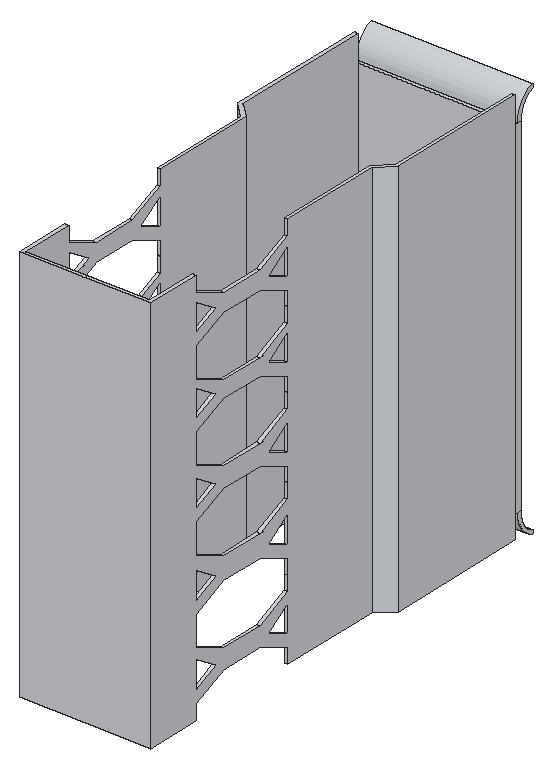
Revit family
Parameters
  Material ID = "760164061"
  Description = "KIT, MINI VCM, 4U"
Reference planes (ft)
  plane 1 "Center (Front/Back)": y = 0
  plane 2: z = 0
  plane 3 "Center (Left/Right)": x = 0
Forms (ft)
  Extrusion 1, solid
    sketch origin (0, 0, 0) x (1, 0, 0) y (0, 0, 1)
      loop
        line (0, 0) -> (1.89, 0) -> (1.89, 9.38) -> (0, 9.38) -> (-1.89, 9.38) -> (-1.89, 0) -> (0, 0)
    from 0 to 10.27
  Extrusion 2, solid
    sketch origin (1.89, 0, 0) x (0, 0, 1) y (0, -1, 0)
      loop
        line (8.760336, 0) -> (0.540336, 0) -> (0.540336, -0.17) -> (8.760336, -0.17) -> (8.760336, 0)
    from 0 to -3.78
  Extrusion 3, solid
    sketch origin (1.89, 0, 0) x (0, 0, 1) y (0, -1, 0)
      loop
        line (8.760336, -0.085) -> (8.760336, -0.165219)
        arc (8.760336, -0.165219) -> (9.095917, -0.248277) -> (9.31458, -0.516045) r 0.546716
        line (9.31458, -0.516045) -> (9.399385, -0.516045)
        arc (9.399385, -0.516045) -> (9.153966, -0.190656) -> (8.760336, -0.085) r 0.626716
    from 0 to -3.78
  Extrusion 4, solid
    sketch origin (1.89, 0, 9.300671) x (0, 0, -1) y (0, 1, 0)
      loop
        arc (8.760336, 0.085) -> (9.153966, 0.190656) -> (9.399385, 0.516045) r 0.626716
        line (9.399385, 0.516045) -> (9.31458, 0.516045)
        arc (9.31458, 0.516045) -> (9.095917, 0.248277) -> (8.760336, 0.165219) r 0.546716
        line (8.760336, 0.165219) -> (8.760336, 0.085)
    from 0 to -3.78
  Extrusion 5, void
    sketch origin (-0.666667, 0, 9.38) x (0, 1, 0) y (1, 0, 0)
      loop
        line (-3.416667, -1.223333) -> (-3.77022, -0.86978) -> (-10.27, -0.86978) -> (-10.27, -1.223333) -> (-3.416667, -1.223333)
    from 0 to 9.772571
  Extrusion 6, void
    sketch origin (0.666667, 0, 9.38) x (0, -1, 0) y (-1, 0, 0)
      loop
        line (3.416667, -1.223333) -> (10.27, -1.223333) -> (10.27, -0.86978) -> (3.77022, -0.86978) -> (3.416667, -1.223333)
    from 0 to 9.772571
  Extrusion 7, void
    sketch origin (-0.666667, 0, 9.38) x (0, 1, 0) y (1, 0, 0)
      loop
        line (0, -1.143333) -> (0, 2.476667) -> (-3.38353, 2.476667) -> (-3.737083, 2.123113) -> (-10.19, 2.123113) -> (-10.19, -0.78978) -> (-3.737083, -0.78978) -> (-3.38353, -1.143333) -> (0, -1.143333)
    from 0 to 13.228045
  Extrusion 8, void
    sketch origin (1.536447, -3.77022, 9.38) x (0, 1, 0) y (0, 0, -1)
      loop
        line (-5.16978, 0) -> (-2.456694, 0) -> (-2.456694, 0.354902) -> (-3.276138, 0.71863) -> (-4.350335, 0.71863) -> (-5.16978, 0.354902) -> (-5.16978, 0)
      loop
        line (-5.16978, 1.84691) -> (-5.16978, 1.492008) -> (-4.350335, 1.12828) -> (-3.276138, 1.12828) -> (-2.456694, 1.492008) -> (-2.456694, 1.84691) -> (-2.456694, 2.201811) -> (-3.276138, 2.56554) -> (-4.350335, 2.56554) -> (-5.16978, 2.201811) -> (-5.16978, 1.84691)
      loop
        line (-5.16978, 3.656073) -> (-5.16978, 3.301172) -> (-4.350335, 2.937444) -> (-3.276138, 2.937444) -> (-2.456694, 3.301172) -> (-2.456694, 3.656073) -> (-2.456694, 4.010975) -> (-3.276138, 4.374703) -> (-4.350335, 4.374703) -> (-5.16978, 4.010975) -> (-5.16978, 3.656073)
      loop
        line (-4.350335, 4.833277) -> (-3.276138, 4.833277) -> (-2.456694, 5.197005) -> (-2.456694, 5.551907) -> (-2.456694, 5.906808) -> (-3.276138, 6.270537) -> (-4.350335, 6.270537) -> (-5.16978, 5.906808) -> (-5.16978, 5.197005) -> (-4.350335, 4.833277)
      loop
        line (-5.16978, 7.496894) -> (-5.16978, 7.141993) -> (-4.350335, 6.778265) -> (-3.276138, 6.778265) -> (-2.456694, 7.141993) -> (-2.456694, 7.496894) -> (-2.456694, 7.851796) -> (-3.276138, 8.215524) -> (-4.350335, 8.215524) -> (-5.16978, 7.851796) -> (-5.16978, 7.496894)
      loop
        line (-5.16978, 9.38) -> (-5.16978, 9.025098) -> (-4.350335, 8.66137) -> (-3.276138, 8.66137) -> (-2.456694, 9.025098) -> (-2.456694, 9.38) -> (-5.16978, 9.38)
      loop
        line (-5.16978, 0.551963) -> (-4.560443, 0.948162) -> (-5.16978, 1.21863) -> (-5.16978, 0.551963)
      loop
        line (-2.456694, 0.551963) -> (-2.456694, 1.21863) -> (-3.066031, 0.948162) -> (-2.456694, 0.551963)
      loop
        line (-5.16978, 2.361127) -> (-4.560443, 2.757326) -> (-5.16978, 3.027794) -> (-5.16978, 2.361127)
      loop
        line (-2.456694, 2.361127) -> (-2.456694, 3.027794) -> (-3.066031, 2.757326) -> (-2.456694, 2.361127)
      loop
        line (-5.16978, 4.25696) -> (-4.560443, 4.653159) -> (-5.16978, 4.923627) -> (-5.16978, 4.25696)
      loop
        line (-2.456694, 4.25696) -> (-2.456694, 4.923627) -> (-3.066031, 4.653159) -> (-2.456694, 4.25696)
      loop
        line (-5.16978, 6.201948) -> (-4.560443, 6.598147) -> (-5.16978, 6.868614) -> (-5.16978, 6.201948)
      loop
        line (-2.456694, 6.201948) -> (-2.456694, 6.868614) -> (-3.066031, 6.598147) -> (-2.456694, 6.201948)
      loop
        line (-5.16978, 8.085053) -> (-4.560443, 8.481253) -> (-5.16978, 8.75172) -> (-5.16978, 8.085053)
      loop
        line (-2.456694, 8.085053) -> (-2.456694, 8.75172) -> (-3.066031, 8.481253) -> (-2.456694, 8.085053)
    from 0 to 5.517405
Cuts and joins
  Extrusion 5, Extrusion 6, Extrusion 7, Extrusion 8 cuts Extrusion 1
  Extrusion 7 cuts Extrusion 2
